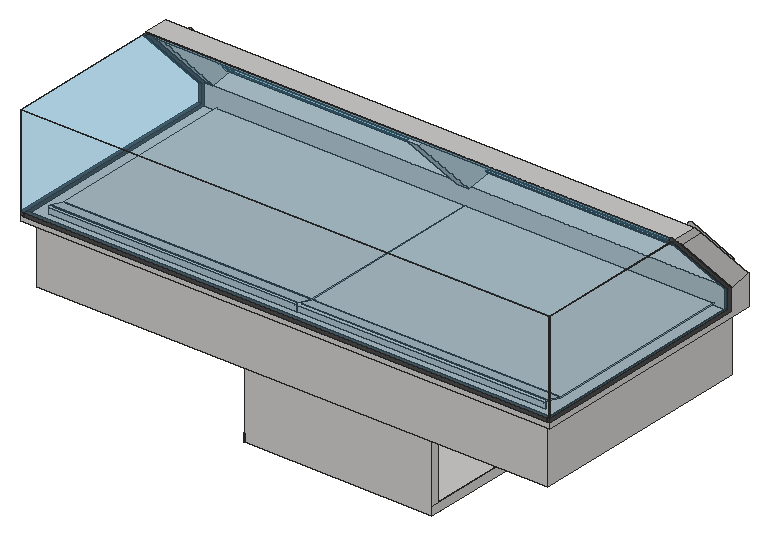
Revit family "QF_FESTIVE_ACDL18", category Specialty Equipment, Revit 2020
Family settings
  Round Connector Dimension = Use Diameter
  Part Type = Normal
  Work Plane-Based = No
  Always vertical = Yes
  Cut with Voids When Loaded = No
  Shared = No
  Room Calculation Point = No
Parameters (values of type "ACDL18")
  Weight in Pounds = 0
  Watts = if(Phase = 3, Volts * FL Amps * 1.73, Volts * FL Amps)  # 1122 W
  Volts = 220 V
  URL Cutsheet = ""
  Specification by User = ""
  Specification by Manufacturer = ""
  Serial Number = ""
  Seismic Rating = ""
  SMACNA No = ""
  Revision Code = ""
  Phase = 1
  Number of Poles = 1
  NAFEM Spec ID Number = ""
  Model = "ACDL18"
  Min Ckt Ampacity = 0 A
  Max Overcurrent Protection = 0 A
  Masterspec = ""
  Manufacturer = "FESTIVE"
  Length = 1770 mm
  Item Number = ""
  Installed By = ""
  Identify Quantity as Lot = yes
  Height = 335 mm
  HP = ""
  Glass 2 = Length > 1769 mm  # yes
  Glass 1 = Length < 1769 mm  # no
  Furnished By = ""
  Foodservice Equipment Identifier = yes
  FL Amps = 5.1 A
  Electrical Remarks = ""
  Electric Connection Type = ""
  Elec Conn RI Height = 0 mm
  Elec Conn Connection Height = 0 mm
  Description = "AVON LO: CHILLED DROP-IN"
  Depth = 830 mm
  Default Elevation = 0 mm
  Cycle = 50 Hz
  Cradle 2 [instance] = Length > 901 mm  # yes
  Cradle 1 = Length < 901 mm  # no
  Conn Plug = ""
  Conn Conduit = yes
  Center Post = Length > 1769 mm  # yes
  CSI MasterFormat = ""
  Apparent Power = if(Phase = 3, Volts * FL Amps * 1.73, Volts * FL Amps)  # 1122 VA
Reference planes
  plane 1 "BACK": y = 0
  plane 2: z = 0
  plane 3 "LEFT": x = 0
  plane 4 "RIGHT": x = 1770
  plane 5 "FRONT": y = -830
  plane 6 "TOP": z = 335
  plane 7 "Center Y": x = 885
  plane 8 "Center X": y = -415
  plane 9: z = 100
  plane 10: x = 1759
  plane 11: z = -520
  plane 12: z = -560
Forms (mm)
  Extrusion 1, solid, material "QF_Metal - Stainless - Satin", visible <- "Cradle 2", not visible
    sketch origin (900, -213.4, -387.009) x (0, 0, 1) y (1, 0, 0)
      loop
        line (387.009, -137.4) -> (27.009, -137.4) -> (27.009, -762.6) -> (387.009, -762.6) -> (387.009, -137.4)
      loop
        line (55, -734.4) -> (365.009, -734.4) -> (365.009, -164.4) -> (55, -164.4) -> (55, -734.4)
    from 0 to -2
  Extrusion 2, solid, material "QF_Metal - Stainless - Satin", visible <- "Cradle 2", not visible
    sketch origin (141.4, 0, 0) x (0, 1, 0) y (0, 0, 1)
      loop
        line (-215.4, 0) -> (-240, 0) -> (-240, -360) -> (-215.4, -360) -> (-215.4, 0)
    from -4 to -1.6
  Extrusion 3, solid, material "QF_Metal - Stainless - Satin", visible <- "Cradle 2", not visible
    sketch origin (900, 0, 0) x (0, -1, 0) y (0, 0, 1)
      loop
        line (215.4, 0) -> (215.4, -360) -> (240, -360) -> (240, 0) -> (215.4, 0)
    from 139.796 to 137.4
  Extrusion 4, solid, material "QF_Metal - Stainless - Satin", visible <- "Cradle 2", not visible
    sketch origin (0, 0, 0) x (0, 1, 0) y (0, 0, 1)
      loop
        line (-52, 0) -> (-213.4, 0) -> (-213.4, -122) -> (-52, -122) -> (-52, 0)
    from 239 to 660
  Extrusion 5, solid, material "QF_Metal - Stainless - Satin", visible <- "Cradle 2", not visible
    sketch origin (0, -50.8, 53.113) x (0, 0, -1) y (-1, 0, 0)
      loop
        line (55.113, -660) -> (175.113, -660) -> (175.113, -239) -> (55.113, -239) -> (55.113, -660)
    from 0 to 2
  Extrusion 6, solid, material "QF_Plastic - Black - Smooth", visible <- "Cradle 2", not visible
    sketch origin (14, -48.8, 53.113) x (0, 0, -1) y (-1, 0, 0)
      loop
        line (147.213, -308.95) -> (147.213, -294.95) -> (115.213, -294.95) -> (115.213, -308.95) -> (147.213, -308.95)
      loop
        line (147.213, -278.75) -> (147.213, -264.75) -> (115.213, -264.75) -> (115.213, -278.75) -> (147.213, -278.75)
      loop
        line (145.213, -306.95) -> (145.213, -296.95) -> (117.213, -296.95) -> (117.213, -306.95) -> (145.213, -306.95)
      loop
        line (145.213, -276.75) -> (145.213, -266.75) -> (117.213, -266.75) -> (117.213, -276.75) -> (145.213, -276.75)
      loop
        arc (112.863, -404.2) -> (131.113, -408.012) -> (149.363, -404.2) r 45.59
        line (149.363, -404.2) -> (149.363, -330.2)
        arc (149.363, -330.2) -> (131.113, -326.725) -> (112.863, -330.2) r 49.66
        line (112.863, -330.2) -> (112.863, -404.2)
    from 0 to 3
  Extrusion 7, solid, material "QF_Plastic - Red - Smooth", visible <- "Cradle 2", not visible
    sketch origin (290.75, -48.8, -92.1) x (0, 0, 1) y (0, 1, 0)
      loop
        line (0, 7.232) -> (0, 0) -> (28, 0) -> (28, 4.784)
        arc (28, 4.784) -> (13.954, 5.478) -> (0, 7.232) r 185.903
    from 0 to 10
  Extrusion 8, solid, material "QF_Plastic - Red - Smooth", visible <- "Cradle 2", not visible
    sketch origin (290.75, -48.8, -92.1) x (0, 0, 1) y (0, 1, 0)
      loop
        line (0, 7.232) -> (0, 0) -> (28, 0) -> (28, 4.784)
        arc (28, 4.784) -> (13.954, 5.478) -> (0, 7.232) r 185.903
    from -30.2 to -20.2
  Extrusion 9, solid, material "QF_Metal - Stainless - Satin", visible <- "Cradle 2", not visible
    sketch origin (0, -1.8, 0) x (0, 1, 0) y (0, 0, 1)
      loop
        line (-570, 0) -> (-596.6, 0) -> (-596.6, -360) -> (-570, -360) -> (-570, 0)
    from 137.4 to 762.6
  Extrusion 10, void, not visible
    sketch origin (137.4, 0, 0) x (0, 1, 0) y (0, 0, 1)
      loop
        circle (-289.925, -281.443) r 8.149
    from 0 to 3.2
  Extrusion 11, solid, material "QF_Metal - Stainless - Satin"
    sketch origin (0, 0, -200) x (0, 1, 0) y (0, 0, 1)
      loop
        line (0, 200) -> (0, 300) -> (-75.2, 287.871) -> (-75.2, 217) -> (-830, 217) -> (-830, 200) -> (0, 200)
    from 0 to 1770
  Extrusion 12, solid, material "QF_Plastic - Black - Smooth"
    sketch origin (0, 0, -200) x (0, 1, 0) y (0, 0, 1)
      loop
        line (-830, 217) -> (-818, 217) -> (-818, 229) -> (-830, 229) -> (-830, 217)
    from 11 to 1759
  Extrusion 13, solid, material "QF_Metal - Stainless - Satin"
    sketch origin (900, 0, -200) x (0, 1, 0) y (0, 0, -1)
      loop
        line (-715.062, -224.6) -> (-75.2, -224.6) -> (-75.2, -223.6) -> (-715.33, -223.6) -> (-715.062, -224.6)
      loop
        line (-780, -217) -> (-780, -235.604)
        arc (-780, -235.604) -> (-778.032, -239.534) -> (-773.706, -240.312) r 4.908
        line (-773.706, -240.312) -> (-773.965, -239.347)
        arc (-773.965, -239.347) -> (-777.439, -238.63) -> (-779, -235.445) r 4.03
        line (-779, -235.445) -> (-779, -217) -> (-780, -217)
    from -816 to 13
  Extrusion 14, solid, material "Glass"
    sketch origin (0, 0, -200) x (0, -1, 0) y (0, 0, 1)
      loop
        line (828, 533) -> (303.463, 533) -> (301.574, 531) -> (826, 531) -> (826, 217) -> (828, 217) -> (828, 533)
    from 0 to -1770
  Extrusion 15, solid, material "QF_Metal - Stainless - Satin"
    sketch origin (449, -425, -200) x (1, 0, 0) y (0, 1, 0)
      loop
        line (-419, -375) -> (1291, -375) -> (1291, 395) -> (-419, 395) -> (-419, -375)
    from 0 to -200
  Extrusion 16, solid, material "QF_Metal - Stainless - Satin"
    sketch origin (0, 65.025, -271.149) x (0, 0.985557, 0.169345) y (0, -0.169345, 0.985557)
      loop
        line (-76.81, 381.021) -> (-77.401, 377.581) -> (-1.233, 376.8) -> (-159.726, 615.174) -> (-241.884, 629.29) -> (-76.81, 381.021)
    from 0 to 40
  Extrusion 17, solid, material "QF_Metal - Stainless - Satin"
    sketch origin (40, 65.025, -271.149) x (0, 0.985557, 0.169345) y (0, -0.169345, 0.985557)
      loop
        line (-159.726, 615.174) -> (-180.222, 645.999) -> (-262.379, 660.116) -> (-241.884, 629.29) -> (-159.726, 615.174)
    from -40 to 1730
  Extrusion 18, solid, material "QF_Metal - Stainless - Satin"
    sketch origin (0, 0, -188) x (0, 1, 0) y (0, 0, 1)
      loop
        line (-780, 205) -> (-779, 205) -> (-779, 223.445)
        arc (-779, 223.445) -> (-777.439, 226.63) -> (-773.965, 227.347) r 4.03
        line (-773.965, 227.347) -> (-773.706, 228.312)
        arc (-773.706, 228.312) -> (-778.032, 227.534) -> (-780, 223.604) r 4.908
        line (-780, 223.604) -> (-780, 205)
      loop
        line (-715.062, 212.6) -> (-715.33, 211.6) -> (-75.2, 211.6) -> (-75.2, 212.6) -> (-715.062, 212.6)
    from 54 to 883
  Extrusion 19, solid, material "QF_Metal - Stainless - Satin"
    sketch origin (0, -79.381, -365.812) x (1, 0, 0) y (0, 0.965932, -0.258796)
      loop
        line (883, -715.062) -> (54, -715.062) -> (54, -773.706) -> (883, -773.706) -> (883, -715.062)
      loop
        line (887, -715.062) -> (887, -773.706) -> (1716, -773.706) -> (1716, -715.062) -> (887, -715.062)
    from 211.6 to 212.6
  Extrusion 20, solid, material "QF_Metal - Stainless - Satin"
    sketch origin (40, -216.994, 329.71) x (0, -0.6867, 0.726941) y (1, 0, 0)
      loop
        line (-300.996, 0) -> (-300.996, 1690) -> (-315.996, 1690) -> (-315.996, 0) -> (-300.996, 0)
    from 0 to -5
  Extrusion 21, solid, material "QF_Plastic - Black - Smooth"
    sketch origin (0, 0, -200) x (0, 1, 0) y (0, 0, 1)
      loop
        line (-86, 287.066) -> (-86, 229) -> (-830, 229) -> (-830, 217) -> (-75.2, 217) -> (-75.2, 291.361) -> (-303.463, 533) -> (-318.32, 533) -> (-86, 287.066)
    from 0 to 11
  Extrusion 22, solid, material "QF_Metal - Stainless - Satin"
    sketch origin (0, 65.025, -271.149) x (0, 0.985557, 0.169345) y (0, -0.169345, 0.985557)
      loop
        line (-76.81, 381.021) -> (-77.401, 377.581) -> (-1.233, 376.8) -> (-159.726, 615.174) -> (-241.884, 629.29) -> (-76.81, 381.021)
    from 0 to 40
  Extrusion 23, solid, material "QF_Plastic - Black - Smooth"
    sketch origin (1770, 0, 0) x (0, -1, 0) y (0, 0, 1)
      loop
        line (86, 87.066) -> (320.209, 335) -> (305.352, 335) -> (75.2, 91.361) -> (75.2, 17) -> (830, 17) -> (830, 29) -> (86, 29) -> (86, 87.066)
    from 0 to 11
  Extrusion 24, solid, material "QF_Metal - Stainless - Satin"
    sketch origin (1770, 0, 0) x (0, -1, 0) y (0, 0, 1)
      loop
        line (75.2, 91.361) -> (279.932, 308.09) -> (196.571, 308.09) -> (0, 100) -> (75.2, 87.871) -> (75.2, 91.361)
    from 0 to 40
  Extrusion 25, solid, material "QF_Metal - Stainless - Satin", visible <- "Cradle 2"
    sketch origin (1334.4, -222.5, -587.009) x (0, 0, 1) y (1, 0, 0)
      loop
        line (387.009, -137.4) -> (27.009, -137.4) -> (27.009, -762.6) -> (387.009, -762.6) -> (387.009, -137.4)
      loop
        line (55, -734.4) -> (365.009, -734.4) -> (365.009, -164.4) -> (55, -164.4) -> (55, -734.4)
    from 0 to -2
  Extrusion 26, solid, material "QF_Metal - Stainless - Satin", visible <- "Cradle 2"
    sketch origin (575.8, -9.1, -200) x (0, 1, 0) y (0, 0, 1)
      loop
        line (-215.4, 0) -> (-240, 0) -> (-240, -360) -> (-215.4, -360) -> (-215.4, 0)
    from -4 to -1.6
  Extrusion 27, solid, material "QF_Metal - Stainless - Satin", visible <- "Cradle 2"
    sketch origin (1334.4, -9.1, -200) x (0, -1, 0) y (0, 0, 1)
      loop
        line (215.4, 0) -> (215.4, -360) -> (240, -360) -> (240, 0) -> (215.4, 0)
    from 139.796 to 137.4
  Extrusion 28, solid, material "QF_Metal - Stainless - Satin", visible <- "Cradle 2"
    sketch origin (434.4, -9.1, -200) x (0, 1, 0) y (0, 0, 1)
      loop
        line (-52, 0) -> (-213.4, 0) -> (-213.4, -122) -> (-52, -122) -> (-52, 0)
    from 239 to 660
  Extrusion 29, solid, material "QF_Metal - Stainless - Satin", visible <- "Cradle 2"
    sketch origin (434.4, -59.9, -146.887) x (0, 0, -1) y (-1, 0, 0)
      loop
        line (55.113, -660) -> (175.113, -660) -> (175.113, -239) -> (55.113, -239) -> (55.113, -660)
    from 0 to 2
  Extrusion 30, solid, material "QF_Plastic - Black - Smooth", visible <- "Cradle 2"
    sketch origin (448.4, -57.9, -146.887) x (0, 0, -1) y (-1, 0, 0)
      loop
        line (147.213, -308.95) -> (147.213, -294.95) -> (115.213, -294.95) -> (115.213, -308.95) -> (147.213, -308.95)
      loop
        line (147.213, -278.75) -> (147.213, -264.75) -> (115.213, -264.75) -> (115.213, -278.75) -> (147.213, -278.75)
      loop
        line (145.213, -306.95) -> (145.213, -296.95) -> (117.213, -296.95) -> (117.213, -306.95) -> (145.213, -306.95)
      loop
        line (145.213, -276.75) -> (145.213, -266.75) -> (117.213, -266.75) -> (117.213, -276.75) -> (145.213, -276.75)
      loop
        arc (112.863, -404.2) -> (131.113, -408.012) -> (149.363, -404.2) r 45.59
        line (149.363, -404.2) -> (149.363, -330.2)
        arc (149.363, -330.2) -> (131.113, -326.725) -> (112.863, -330.2) r 49.66
        line (112.863, -330.2) -> (112.863, -404.2)
    from 0 to 3
  Extrusion 31, solid, material "QF_Plastic - Red - Smooth", visible <- "Cradle 2"
    sketch origin (725.15, -57.9, -292.1) x (0, 0, 1) y (0, 1, 0)
      loop
        line (0, 7.232) -> (0, 0) -> (28, 0) -> (28, 4.784)
        arc (28, 4.784) -> (13.954, 5.478) -> (0, 7.232) r 185.903
    from 0 to 10
  Extrusion 32, solid, material "QF_Plastic - Red - Smooth", visible <- "Cradle 2"
    sketch origin (725.15, -57.9, -292.1) x (0, 0, 1) y (0, 1, 0)
      loop
        line (0, 7.232) -> (0, 0) -> (28, 0) -> (28, 4.784)
        arc (28, 4.784) -> (13.954, 5.478) -> (0, 7.232) r 185.903
    from -30.2 to -20.2
  Extrusion 33, solid, material "QF_Metal - Stainless - Satin", visible <- "Cradle 2"
    sketch origin (434.4, -10.9, -200) x (0, 1, 0) y (0, 0, 1)
      loop
        line (-570, 0) -> (-596.6, 0) -> (-596.6, -360) -> (-570, -360) -> (-570, 0)
    from 137.4 to 762.6
  Extrusion 34, void
    sketch origin (571.8, -9.1, -200) x (0, 1, 0) y (0, 0, 1)
      loop
        circle (-289.925, -281.443) r 8.149
    from 0 to 3.2
  Extrusion 35, solid, material "QF_Metal - Stainless - Satin"
    sketch origin (325, -200.206, 304.657) x (0, -0.6867, 0.726941) y (1, 0, 0)
      loop
        line (0, -285) -> (0, -265) -> (-271.255, -265) -> (-271.255, -285) -> (0, -285)
    from 0 to 3.2
  Extrusion 36, solid, material "QF_Metal - Stainless - Satin"
    sketch origin (60, -13.935, 107.471) x (0, -0.6867, 0.726941) y (0, -0.726941, -0.6867)
      loop
        line (271.255, -3.2) -> (0, -3.2) -> (0, -8.2)
        arc (0, -8.2) -> (2.929, -15.271) -> (10, -18.2) r 10
        line (10, -18.2) -> (261.255, -18.2)
        arc (261.255, -18.2) -> (268.326, -15.271) -> (271.255, -8.2) r 10
        line (271.255, -8.2) -> (271.255, -3.2)
    from -9 to -11
  Extrusion 37, solid, material "QF_Metal - Stainless - Satin"
    sketch origin (875, -196.571, 308.09) x (0, -0.6867, 0.726941) y (1, 0, 0)
      loop
        line (0, 855) -> (-271.255, 855) -> (-271.255, 835) -> (0, 835) -> (0, 855)
    from 0 to 3.2
  Extrusion 38, solid, material "QF_Metal - Stainless - Satin"
    sketch origin (1710, -10.301, 110.904) x (0, -0.6867, 0.726941) y (0, 0.726941, 0.6867)
      loop
        line (271.255, 3.2) -> (271.255, 8.2)
        arc (271.255, 8.2) -> (268.326, 15.271) -> (261.255, 18.2) r 10
        line (261.255, 18.2) -> (10, 18.2)
        arc (10, 18.2) -> (2.929, 15.271) -> (0, 8.2) r 10
        line (0, 8.2) -> (0, 3.2) -> (271.255, 3.2)
    from -9 to -11
  Extrusion 39, solid, material "QF_Metal - Stainless - Satin", visible <- "Center Post"
    sketch origin (885, 175.397, 1219.2) x (0, 1, 0) y (0, 0, 1)
      loop
        line (-371.969, -911.11) -> (-470.186, -911.11) -> (-260.629, -1132.947) -> (-175.397, -1119.2) -> (-371.969, -911.11)
    from -20 to 20
  Extrusion 40, solid, material "QF_Metal - Stainless - Satin", visible <- "Cradle 2"
    sketch origin (434.4, -607.571, -560) x (1, 0, 0) y (0, -1, 0)
      loop
        line (762.6, -28.471) -> (137.4, -28.471) -> (137.4, -383.071) -> (762.6, -383.071) -> (762.6, -28.471)
    from 0 to -5
  Extrusion 41, solid, material "QF_Metal - Stainless - Satin", visible <- "Cradle 2"
    sketch origin (1334.4, -9.1, -160) x (0, -1, 0) y (0, 0, 1)
      loop
        line (213.4, -372.009) -> (213.4, -400) -> (598.4, -400) -> (598.4, -372.009) -> (213.4, -372.009)
    from 137.4 to 135
  Extrusion 42, solid, material "QF_Metal - Stainless - Satin", visible <- "Cradle 2"
    sketch origin (434.4, -9.1, -160) x (0, 1, 0) y (0, 0, 1)
      loop
        line (-213.4, -372.009) -> (-598.4, -372.009) -> (-598.4, -400) -> (-213.4, -400) -> (-213.4, -372.009)
    from 135 to 137.4
  Extrusion 43, solid, material "QF_Metal - Stainless - Satin", visible <- "Cradle 2", not visible
    sketch origin (0, -598.471, -360) x (1, 0, 0) y (0, -1, 0)
      loop
        line (762.6, -28.471) -> (137.4, -28.471) -> (137.4, -383.071) -> (762.6, -383.071) -> (762.6, -28.471)
    from 0 to -5
  Extrusion 44, solid, material "QF_Metal - Stainless - Satin", visible <- "Cradle 2", not visible
    sketch origin (900, 0, 40) x (0, -1, 0) y (0, 0, 1)
      loop
        line (213.4, -372.009) -> (213.4, -400) -> (598.4, -400) -> (598.4, -372.009) -> (213.4, -372.009)
    from 137.4 to 135
  Extrusion 45, solid, material "QF_Metal - Stainless - Satin", visible <- "Cradle 2", not visible
    sketch origin (0, 0, 40) x (0, 1, 0) y (0, 0, 1)
      loop
        line (-213.4, -372.009) -> (-598.4, -372.009) -> (-598.4, -400) -> (-213.4, -400) -> (-213.4, -372.009)
    from 135 to 137.4
  Extrusion 46, solid, material "QF_Metal - Stainless - Satin", visible <- "Cradle 1", not visible
    sketch origin (2199.4, -222.5, -587.009) x (0, 0, 1) y (1, 0, 0)
      loop
        line (387.009, -137.4) -> (67.009, -137.4) -> (67.009, -762.6) -> (387.009, -762.6) -> (387.009, -137.4)
      loop
        line (365.009, -734.4) -> (365.009, -164.4) -> (95, -164.4) -> (95, -734.4) -> (365.009, -734.4)
    from 0 to -2
  Extrusion 47, solid, material "QF_Metal - Stainless - Satin", visible <- "Cradle 1", not visible
    sketch origin (1440.8, -9.1, -200) x (0, 1, 0) y (0, 0, 1)
      loop
        line (-215.4, 0) -> (-240, 0) -> (-240, -320) -> (-215.4, -320) -> (-215.4, 0)
    from -4 to -1.6
  Extrusion 48, solid, material "QF_Metal - Stainless - Satin", visible <- "Cradle 1", not visible
    sketch origin (2199.4, -9.1, -200) x (0, -1, 0) y (0, 0, 1)
      loop
        line (215.4, 0) -> (215.4, -320) -> (240, -320) -> (240, 0) -> (215.4, 0)
    from 139.796 to 137.4
  Extrusion 49, solid, material "QF_Metal - Stainless - Satin", visible <- "Cradle 1", not visible
    sketch origin (1299.4, -9.1, -200) x (0, 1, 0) y (0, 0, 1)
      loop
        line (-52, 0) -> (-213.4, 0) -> (-213.4, -122) -> (-52, -122) -> (-52, 0)
    from 239 to 660
  Extrusion 50, solid, material "QF_Metal - Stainless - Satin", visible <- "Cradle 1", not visible
    sketch origin (1299.4, -59.9, -146.887) x (0, 0, -1) y (-1, 0, 0)
      loop
        line (55.113, -660) -> (175.113, -660) -> (175.113, -239) -> (55.113, -239) -> (55.113, -660)
    from 0 to 2
  Extrusion 51, solid, material "QF_Plastic - Black - Smooth", visible <- "Cradle 1", not visible
    sketch origin (1313.4, -57.9, -146.887) x (0, 0, -1) y (-1, 0, 0)
      loop
        line (147.213, -308.95) -> (147.213, -294.95) -> (115.213, -294.95) -> (115.213, -308.95) -> (147.213, -308.95)
      loop
        line (147.213, -278.75) -> (147.213, -264.75) -> (115.213, -264.75) -> (115.213, -278.75) -> (147.213, -278.75)
      loop
        line (145.213, -306.95) -> (145.213, -296.95) -> (117.213, -296.95) -> (117.213, -306.95) -> (145.213, -306.95)
      loop
        line (145.213, -276.75) -> (145.213, -266.75) -> (117.213, -266.75) -> (117.213, -276.75) -> (145.213, -276.75)
      loop
        arc (112.863, -404.2) -> (131.113, -408.012) -> (149.363, -404.2) r 45.59
        line (149.363, -404.2) -> (149.363, -330.2)
        arc (149.363, -330.2) -> (131.113, -326.725) -> (112.863, -330.2) r 49.66
        line (112.863, -330.2) -> (112.863, -404.2)
    from 0 to 3
  Extrusion 52, solid, material "QF_Plastic - Red - Smooth", visible <- "Cradle 1", not visible
    sketch origin (1590.15, -57.9, -292.1) x (0, 0, 1) y (0, 1, 0)
      loop
        line (0, 7.232) -> (0, 0) -> (28, 0) -> (28, 4.784)
        arc (28, 4.784) -> (13.954, 5.478) -> (0, 7.232) r 185.903
    from 0 to 10
  Extrusion 53, solid, material "QF_Plastic - Red - Smooth", visible <- "Cradle 1", not visible
    sketch origin (1590.15, -57.9, -292.1) x (0, 0, 1) y (0, 1, 0)
      loop
        line (0, 7.232) -> (0, 0) -> (28, 0) -> (28, 4.784)
        arc (28, 4.784) -> (13.954, 5.478) -> (0, 7.232) r 185.903
    from -30.2 to -20.2
  Extrusion 54, solid, material "QF_Metal - Stainless - Satin", visible <- "Cradle 1", not visible
    sketch origin (1299.4, -10.9, -200) x (0, 1, 0) y (0, 0, 1)
      loop
        line (-570, 0) -> (-596.6, 0) -> (-596.6, -320) -> (-570, -320) -> (-570, 0)
    from 137.4 to 762.6
  Extrusion 55, solid, material "QF_Metal - Stainless - Satin", visible <- "Cradle 1", not visible
    sketch origin (1299.4, -607.571, -520) x (1, 0, 0) y (0, -1, 0)
      loop
        line (762.6, -28.471) -> (137.4, -28.471) -> (137.4, -383.071) -> (762.6, -383.071) -> (762.6, -28.471)
    from 0 to -5
  Extrusion 56, solid, material "QF_Metal - Stainless - Satin", visible <- "Cradle 1", not visible
    sketch origin (2199.4, -9.1, -120) x (0, -1, 0) y (0, 0, 1)
      loop
        line (213.4, -372.009) -> (213.4, -400) -> (598.4, -400) -> (598.4, -372.009) -> (213.4, -372.009)
    from 137.4 to 135
  Extrusion 57, solid, material "QF_Metal - Stainless - Satin", visible <- "Cradle 1", not visible
    sketch origin (1299.4, -9.1, -120) x (0, 1, 0) y (0, 0, 1)
      loop
        line (-213.4, -372.009) -> (-598.4, -372.009) -> (-598.4, -400) -> (-213.4, -400) -> (-213.4, -372.009)
    from 135 to 137.4
  Extrusion 58, solid, material "QF_Metal - Stainless - Satin", visible <- "Cradle 1"
    sketch origin (1334.4, -222.5, -587.009) x (0, 0, 1) y (1, 0, 0)
      loop
        line (387.009, -137.4) -> (67.009, -137.4) -> (67.009, -762.6) -> (387.009, -762.6) -> (387.009, -137.4)
      loop
        line (365.009, -734.4) -> (365.009, -164.4) -> (95, -164.4) -> (95, -734.4) -> (365.009, -734.4)
    from 0 to -2
  Extrusion 59, solid, material "QF_Metal - Stainless - Satin", visible <- "Cradle 1"
    sketch origin (575.8, -9.1, -200) x (0, 1, 0) y (0, 0, 1)
      loop
        line (-215.4, 0) -> (-240, 0) -> (-240, -320) -> (-215.4, -320) -> (-215.4, 0)
    from -4 to -1.6
  Extrusion 60, solid, material "QF_Metal - Stainless - Satin", visible <- "Cradle 1"
    sketch origin (1334.4, -9.1, -200) x (0, -1, 0) y (0, 0, 1)
      loop
        line (215.4, 0) -> (215.4, -320) -> (240, -320) -> (240, 0) -> (215.4, 0)
    from 139.796 to 137.4
  Extrusion 61, solid, material "QF_Metal - Stainless - Satin", visible <- "Cradle 1"
    sketch origin (434.4, -9.1, -200) x (0, 1, 0) y (0, 0, 1)
      loop
        line (-52, 0) -> (-213.4, 0) -> (-213.4, -122) -> (-52, -122) -> (-52, 0)
    from 239 to 660
  Extrusion 62, solid, material "QF_Metal - Stainless - Satin", visible <- "Cradle 1"
    sketch origin (434.4, -59.9, -146.887) x (0, 0, -1) y (-1, 0, 0)
      loop
        line (55.113, -660) -> (175.113, -660) -> (175.113, -239) -> (55.113, -239) -> (55.113, -660)
    from 0 to 2
  Extrusion 63, solid, material "QF_Plastic - Black - Smooth", visible <- "Cradle 1"
    sketch origin (448.4, -57.9, -146.887) x (0, 0, -1) y (-1, 0, 0)
      loop
        line (147.213, -308.95) -> (147.213, -294.95) -> (115.213, -294.95) -> (115.213, -308.95) -> (147.213, -308.95)
      loop
        line (147.213, -278.75) -> (147.213, -264.75) -> (115.213, -264.75) -> (115.213, -278.75) -> (147.213, -278.75)
      loop
        line (145.213, -306.95) -> (145.213, -296.95) -> (117.213, -296.95) -> (117.213, -306.95) -> (145.213, -306.95)
      loop
        line (145.213, -276.75) -> (145.213, -266.75) -> (117.213, -266.75) -> (117.213, -276.75) -> (145.213, -276.75)
      loop
        arc (112.863, -404.2) -> (131.113, -408.012) -> (149.363, -404.2) r 45.59
        line (149.363, -404.2) -> (149.363, -330.2)
        arc (149.363, -330.2) -> (131.113, -326.725) -> (112.863, -330.2) r 49.66
        line (112.863, -330.2) -> (112.863, -404.2)
    from 0 to 3
  Extrusion 64, solid, material "QF_Plastic - Red - Smooth", visible <- "Cradle 1"
    sketch origin (725.15, -57.9, -292.1) x (0, 0, 1) y (0, 1, 0)
      loop
        line (0, 7.232) -> (0, 0) -> (28, 0) -> (28, 4.784)
        arc (28, 4.784) -> (13.954, 5.478) -> (0, 7.232) r 185.903
    from 0 to 10
  Extrusion 65, solid, material "QF_Plastic - Red - Smooth", visible <- "Cradle 1"
    sketch origin (725.15, -57.9, -292.1) x (0, 0, 1) y (0, 1, 0)
      loop
        line (0, 7.232) -> (0, 0) -> (28, 0) -> (28, 4.784)
        arc (28, 4.784) -> (13.954, 5.478) -> (0, 7.232) r 185.903
    from -30.2 to -20.2
  Extrusion 66, solid, material "QF_Metal - Stainless - Satin", visible <- "Cradle 1"
    sketch origin (434.4, -10.9, -200) x (0, 1, 0) y (0, 0, 1)
      loop
        line (-570, 0) -> (-596.6, 0) -> (-596.6, -320) -> (-570, -320) -> (-570, 0)
    from 137.4 to 762.6
  Extrusion 67, solid, material "QF_Metal - Stainless - Satin", visible <- "Cradle 1"
    sketch origin (434.4, -607.571, -520) x (1, 0, 0) y (0, -1, 0)
      loop
        line (762.6, -28.471) -> (137.4, -28.471) -> (137.4, -383.071) -> (762.6, -383.071) -> (762.6, -28.471)
    from 0 to -5
  Extrusion 68, solid, material "QF_Metal - Stainless - Satin", visible <- "Cradle 1"
    sketch origin (1334.4, -9.1, -120) x (0, -1, 0) y (0, 0, 1)
      loop
        line (213.4, -372.009) -> (213.4, -400) -> (598.4, -400) -> (598.4, -372.009) -> (213.4, -372.009)
    from 137.4 to 135
  Extrusion 69, solid, material "QF_Metal - Stainless - Satin", visible <- "Cradle 1"
    sketch origin (434.4, -9.1, -120) x (0, 1, 0) y (0, 0, 1)
      loop
        line (-213.4, -372.009) -> (-598.4, -372.009) -> (-598.4, -400) -> (-213.4, -400) -> (-213.4, -372.009)
    from 135 to 137.4
  Extrusion 70, solid, material "Glass"
    sketch origin (1770, 0, 0) x (0, -1, 0) y (0, 0, 1)
      loop
        line (318.32, 333) -> (86, 87.066) -> (86, 29) -> (828, 29) -> (828, 333) -> (318.32, 333)
    from 0 to 3
  Extrusion 71, solid, material "Glass"
    sketch origin (0, 0, -200) x (0, 1, 0) y (0, 0, 1)
      loop
        line (-318.32, 533) -> (-828, 533) -> (-828, 217) -> (-86, 217) -> (-86, 287.066) -> (-318.32, 533)
    from 0 to 3
  Extrusion 72, solid, material "Glass", visible <- "Glass 1"
    sketch origin (325, -196.571, 308.09) x (0, -0.6867, 0.726941) y (1, 0, 0)
      loop
        line (0, 560) -> (-271.255, 560) -> (-271.255, -285) -> (0, -285) -> (0, 560)
    from -5 to -10
  Extrusion 73, solid, material "Glass", visible <- "Glass 1"
    sketch origin (875, -196.571, 308.09) x (0, -0.6867, 0.726941) y (1, 0, 0)
      loop
        line (0, 10) -> (0, 855) -> (-271.255, 855) -> (-271.255, 10) -> (0, 10)
    from 0 to -5
  Extrusion 74, solid, material "Glass", visible <- "Glass 2"
    sketch origin (40, 65.025, -271.149) x (0, 0.985557, 0.169345) y (0, -0.169345, 0.985557)
      loop
        line (-13.702, 386.523) -> (-163.89, 612.405) -> (-168.054, 609.637) -> (-17.866, 383.755) -> (-13.702, 386.523)
    from 0 to 825
  Extrusion 75, solid, material "Glass", visible <- "Glass 2"
    sketch origin (1730, 0, 0) x (0, -1, 0) y (0, 0, 1)
      loop
        line (196.571, 308.09) -> (10.301, 110.904) -> (13.935, 107.471) -> (200.206, 304.657) -> (196.571, 308.09)
    from 0 to 825
Lines and regions (mm)
  Split face 1, not visible
    outline origin (14, -45.8, 53.113) x (0, 0, -1) y (-1, 0, 0)
      loop
        line (116.213, -355.957) -> (116.213, -395.454)
        arc (116.213, -395.454) -> (131.213, -398.842) -> (146.213, -395.454) r 34.9
        line (146.213, -395.454) -> (146.213, -355.957) -> (116.213, -355.957)
  Split face 2
    outline origin (448.4, -54.9, -146.887) x (0, 0, -1) y (-1, 0, 0)
      loop
        line (116.213, -355.957) -> (116.213, -395.454)
        arc (116.213, -395.454) -> (131.213, -398.842) -> (146.213, -395.454) r 34.9
        line (146.213, -395.454) -> (146.213, -355.957) -> (116.213, -355.957)
  Split face 3, not visible
    outline origin (1313.4, -54.9, -146.887) x (0, 0, -1) y (-1, 0, 0)
      loop
        line (116.213, -355.957) -> (116.213, -395.454)
        arc (116.213, -395.454) -> (131.213, -398.842) -> (146.213, -395.454) r 34.9
        line (146.213, -395.454) -> (146.213, -355.957) -> (116.213, -355.957)
  Split face 4
    outline origin (448.4, -54.9, -146.887) x (0, 0, -1) y (-1, 0, 0)
      loop
        line (116.213, -355.957) -> (116.213, -395.454)
        arc (116.213, -395.454) -> (131.213, -398.842) -> (146.213, -395.454) r 34.9
        line (146.213, -395.454) -> (146.213, -355.957) -> (116.213, -355.957)
  symbolic lines
    curve 1: line (54, -780, 0) -> (54, -305.352, 0)
    curve 2: line (54, -780, 0) -> (1716, -780, 0)
    curve 3: line (1716, -780, 0) -> (1716, -305.352, 0)
    curve 4: line (54, -715.33, 0) -> (883, -715.33, 0)
    curve 5: line (883, -780, 0) -> (883, -305.352, 0)
    curve 6: line (887, -780, 0) -> (887, -305.352, 0)
    curve 7: line (0, -305.352, 0) -> (1770, -305.352, 0)
    curve 8: line (0, -221.991, 0) -> (1770, -221.991, 0)
    curve 9: line (1770, -196.571, 0) -> (0, -196.571, 0)
    curve 10: line (0, 0, 0) -> (1770, 0, 0)
    curve 11: line (0, -830, 0) -> (0, 0, 0)
    curve 12: line (1770, -830, 0) -> (0, -830, 0)
    curve 13: line (1770, 0, 0) -> (1770, -830, 0)
    curve 14: line (1759, -305.352, 0) -> (1759, -830, 0)
    curve 15: line (11, -305.352, 0) -> (11, -830, 0)
    curve 16: line (40, -196.571, 0) -> (40, 0, 0)
    curve 17: line (1730, -196.571, 0) -> (1730, 0, 0)
    curve 18: line (40, -10.301, 0) -> (1730, -10.301, 0)
    curve 19: line (1716, -715.33, 0) -> (887, -715.33, 0)
    curve 20: line (60, -196.571, 0) -> (60, -10.301, 0)
    curve 21: line (875, -13.935, 0) -> (60, -13.935, 0)
    curve 22: line (875, -10.301, 0) -> (875, -196.571, 0)
    curve 23: line (1710, -10.301, 0) -> (1710, -196.571, 0)
Dimensions and locks
  equal spacing: plane 3 "LEFT", plane 7 "Center Y", plane 4 "RIGHT"
  "Length": plane 3 "LEFT" to plane 4 "RIGHT"
  equal spacing: plane 5 "FRONT", plane 8 "Center X", plane 1 "BACK"
  "Depth": plane 5 "FRONT" to plane 1 "BACK"
  "Height": plane 6 "TOP" to level
  plane 1 "BACK" to plane 5 "FRONT" = 830 mm
  plane 6 "TOP" to plane 9 to level to Extrusion 15 = 235 mm, 100 mm, 200 mm
  plane 1 "BACK" to Extrusion 15 = 30 mm
  Extrusion 15 to plane 5 "FRONT" = 30 mm
  Extrusion 25 to Extrusion 33 = 385 mm
  locked: plane 10 to plane 4 "RIGHT" at 11
  locked: Extrusion 29 to plane 7 "Center Y" at 209.4
  Extrusion 19 sketch curve to plane 7 "Center Y" to Extrusion 19 sketch curve = 2 mm locked, 2 mm locked
  Extrusion 13 to plane 7 "Center Y" to Extrusion 18 = 2 mm locked, 2 mm locked
  locked: Extrusion 13 to plane 4 "RIGHT" at 54
  Extrusion 15 to plane 11 = 320 mm
  Extrusion 15 to plane 12 = 360 mm
  Extrusion 66 to plane 7 "Center Y" to Extrusion 66 = 312 mm locked, 313.2 mm locked
  locked: plane 4 "RIGHT" to Extrusion 14
  plane 7 "Center Y" to Extrusion 73 = 0 mm
  plane 7 "Center Y" to Extrusion 72 = 0 mm
  Extrusion 37 sketch curve to Extrusion 37 sketch curve to plane 4 "RIGHT" = 20 mm locked, 40 mm locked
  aligned and locked: level to plane 2
  aligned and locked: Extrusion 11 to plane 4 "RIGHT"
  aligned and locked: Extrusion 17 to plane 4 "RIGHT"
  aligned and locked: plane 10 to Extrusion 12
  aligned and locked: curve 3 to Extrusion 19
  aligned and locked: Extrusion 14 to plane 4 "RIGHT"
  aligned and locked: plane 7 "Center Y" to Extrusion 72
  aligned and locked: Extrusion 73 to plane 7 "Center Y"
  aligned and locked: Extrusion 74 to Extrusion 39
  aligned and locked: Extrusion 75 to Extrusion 39
Automatic sketch dimensions
  Extrusion 2 sketch curve to Extrusion 2 sketch curve = 24.6 mm
  Extrusion 3 sketch curve to Extrusion 3 sketch curve = 24.6 mm
  Extrusion 4 sketch curve to Extrusion 4 sketch curve = 122 mm
  Extrusion 7 sketch curve to Extrusion 6 = 0 mm  (x3)
  Extrusion 6 to Extrusion 7 sketch curve = 2.15 mm
  Extrusion 7 sketch curve to Extrusion 6 = 1.784 mm
  Extrusion 7 sketch curve to Extrusion 6 = 4.232 mm
  Extrusion 8 sketch curve to Extrusion 6 = 0 mm  (x3)
  Extrusion 6 to Extrusion 8 sketch curve = 2.15 mm
  Extrusion 8 sketch curve to Extrusion 6 = 1.784 mm
  Extrusion 8 sketch curve to Extrusion 6 = 4.232 mm
  Extrusion 9 sketch curve to Extrusion 9 sketch curve = 26.6 mm
  Extrusion 5 sketch curve to Extrusion 5 sketch curve = 120 mm
  Extrusion 6 sketch curve to Extrusion 5 = 57.75 mm
  Extrusion 6 sketch curve to Extrusion 6 sketch curve = 2.35 mm
  Extrusion 6 sketch curve to Extrusion 6 sketch curve = 0 mm  (x3)
  Extrusion 6 sketch curve to Extrusion 6 sketch curve = 2 mm  (x8)
  Extrusion 6 sketch curve to Extrusion 6 sketch curve = 18.25 mm
  Extrusion 6 sketch curve to Extrusion 6 sketch curve = 28 mm
  Extrusion 6 sketch curve to Extrusion 6 sketch curve = 2.15 mm
  Extrusion 6 sketch curve to Extrusion 5 = 179.2 mm
  Extrusion 6 sketch curve to Extrusion 6 sketch curve = 27.816 mm
  Extrusion 6 sketch curve to Extrusion 6 sketch curve = 13.963 mm
  Extrusion 6 sketch curve to Extrusion 6 sketch curve = 32.222 mm
  Extrusion 6 sketch curve to Extrusion 6 sketch curve = 21.25 mm
  Extrusion 6 sketch curve to Extrusion 6 sketch curve = 10 mm  (x2)
  Extrusion 6 sketch curve to Extrusion 6 sketch curve = 16.2 mm
  Split face 1 sketch curve to Extrusion 6 = 1 mm  (x2)
  Extrusion 6 to Split face 1 sketch curve = 86.504 mm
  Split face 1 sketch curve to Split face 1 sketch curve = 31.512 mm
  Split face 1 sketch curve to Split face 1 sketch curve = 7.985 mm
  Split face 1 sketch curve to Split face 1 sketch curve = 15 mm
  Extrusion 10 sketch curve to Extrusion 2 = 49.925 mm
  Extrusion 2 to Extrusion 10 sketch curve = 78.557 mm
  Extrusion 2 sketch curve to Extrusion 2 sketch curve = 360 mm
  Extrusion 3 sketch curve to Extrusion 3 sketch curve = 360 mm
  Extrusion 4 sketch curve to Extrusion 4 sketch curve = 161.4 mm
  Extrusion 5 sketch curve to Extrusion 5 sketch curve = 421 mm
  Extrusion 9 sketch curve to Extrusion 9 sketch curve = 360 mm
  Extrusion 26 sketch curve to Extrusion 26 sketch curve = 24.6 mm
  Extrusion 27 sketch curve to Extrusion 27 sketch curve = 24.6 mm
  Extrusion 28 sketch curve to Extrusion 28 sketch curve = 122 mm
  Extrusion 31 sketch curve to Extrusion 30 = 0 mm  (x3)
  Extrusion 30 to Extrusion 31 sketch curve = 2.15 mm
  Extrusion 31 sketch curve to Extrusion 30 = 1.784 mm
  Extrusion 31 sketch curve to Extrusion 30 = 4.232 mm
  Extrusion 32 sketch curve to Extrusion 30 = 0 mm  (x3)
  Extrusion 30 to Extrusion 32 sketch curve = 2.15 mm
  Extrusion 32 sketch curve to Extrusion 30 = 1.784 mm
  Extrusion 32 sketch curve to Extrusion 30 = 4.232 mm
  Extrusion 33 sketch curve to Extrusion 33 sketch curve = 26.6 mm
  Extrusion 29 sketch curve to Extrusion 29 sketch curve = 120 mm
  Extrusion 30 sketch curve to Extrusion 29 = 57.75 mm
  Extrusion 30 sketch curve to Extrusion 30 sketch curve = 2.35 mm
  Extrusion 30 sketch curve to Extrusion 30 sketch curve = 0 mm  (x3)
  Extrusion 30 sketch curve to Extrusion 30 sketch curve = 2 mm  (x8)
  Extrusion 30 sketch curve to Extrusion 30 sketch curve = 18.25 mm
  Extrusion 30 sketch curve to Extrusion 30 sketch curve = 28 mm
  Extrusion 30 sketch curve to Extrusion 30 sketch curve = 2.15 mm
  Extrusion 30 sketch curve to Extrusion 29 = 179.2 mm
  Extrusion 30 sketch curve to Extrusion 30 sketch curve = 27.816 mm
  Extrusion 30 sketch curve to Extrusion 30 sketch curve = 13.963 mm
  Extrusion 30 sketch curve to Extrusion 30 sketch curve = 32.222 mm
  Extrusion 30 sketch curve to Extrusion 30 sketch curve = 21.25 mm
  Extrusion 30 sketch curve to Extrusion 30 sketch curve = 10 mm  (x2)
  Extrusion 30 sketch curve to Extrusion 30 sketch curve = 16.2 mm
  Split face 2 sketch curve to Extrusion 30 = 1 mm  (x2)
  Extrusion 30 to Split face 2 sketch curve = 86.504 mm
  Split face 2 sketch curve to Split face 2 sketch curve = 31.512 mm
  Split face 2 sketch curve to Split face 2 sketch curve = 7.985 mm
  Split face 2 sketch curve to Split face 2 sketch curve = 15 mm
  Extrusion 34 sketch curve to Extrusion 26 = 49.925 mm
  Extrusion 26 to Extrusion 34 sketch curve = 78.557 mm
  Extrusion 26 sketch curve to Extrusion 26 sketch curve = 360 mm
  Extrusion 27 sketch curve to Extrusion 27 sketch curve = 360 mm
  Extrusion 28 sketch curve to Extrusion 28 sketch curve = 161.4 mm
  Extrusion 29 sketch curve to Extrusion 29 sketch curve = 421 mm
  Extrusion 33 sketch curve to Extrusion 33 sketch curve = 360 mm
  Extrusion 40 sketch curve to Extrusion 40 sketch curve = 625.2 mm
  Extrusion 40 sketch curve to Extrusion 40 sketch curve = 354.6 mm
  Extrusion 25 sketch curve to Extrusion 25 sketch curve = 27.991 mm
  Extrusion 25 sketch curve to Extrusion 25 sketch curve = 310.009 mm
  Extrusion 25 sketch curve to Extrusion 25 sketch curve = 22 mm
  Extrusion 25 sketch curve to Extrusion 25 sketch curve = 28.2 mm
  Extrusion 25 sketch curve to Extrusion 25 sketch curve = 570 mm
  Extrusion 25 sketch curve to Extrusion 25 sketch curve = 27 mm
  Extrusion 41 sketch curve to Extrusion 41 sketch curve = 385 mm
  Extrusion 41 sketch curve to Extrusion 41 sketch curve = 27.991 mm
  Extrusion 42 sketch curve to Extrusion 42 sketch curve = 385 mm
  Extrusion 42 sketch curve to Extrusion 42 sketch curve = 27.991 mm
  Extrusion 1 sketch curve to Extrusion 1 sketch curve = 27.991 mm
  Extrusion 1 sketch curve to Extrusion 1 sketch curve = 310.009 mm
  Extrusion 1 sketch curve to Extrusion 1 sketch curve = 22 mm
  Extrusion 1 sketch curve to Extrusion 1 sketch curve = 28.2 mm
  Extrusion 1 sketch curve to Extrusion 1 sketch curve = 570 mm
  Extrusion 1 sketch curve to Extrusion 1 sketch curve = 27 mm
  Extrusion 47 sketch curve to Extrusion 47 sketch curve = 24.6 mm
  Extrusion 48 sketch curve to Extrusion 48 sketch curve = 24.6 mm
  Extrusion 49 sketch curve to Extrusion 49 sketch curve = 122 mm
  Extrusion 54 sketch curve to Extrusion 54 sketch curve = 26.6 mm
  Extrusion 46 sketch curve to Extrusion 46 sketch curve = 22 mm
  Extrusion 46 sketch curve to Extrusion 46 sketch curve = 28.2 mm
  Extrusion 46 sketch curve to Extrusion 46 sketch curve = 570 mm
  Extrusion 46 sketch curve to Extrusion 46 sketch curve = 27 mm
  Extrusion 50 sketch curve to Extrusion 50 sketch curve = 120 mm
  Extrusion 50 sketch curve to Extrusion 50 sketch curve = 421 mm
  Extrusion 51 sketch curve to Extrusion 50 = 57.75 mm
  Extrusion 51 sketch curve to Extrusion 51 sketch curve = 2.35 mm
  Extrusion 51 sketch curve to Extrusion 51 sketch curve = 0 mm  (x3)
  Extrusion 51 sketch curve to Extrusion 51 sketch curve = 2 mm  (x8)
  Extrusion 51 sketch curve to Extrusion 51 sketch curve = 18.25 mm
  Extrusion 51 sketch curve to Extrusion 51 sketch curve = 28 mm
  Extrusion 51 sketch curve to Extrusion 51 sketch curve = 2.15 mm
  Extrusion 51 sketch curve to Extrusion 50 = 179.2 mm
  Extrusion 51 sketch curve to Extrusion 51 sketch curve = 27.816 mm
  Extrusion 51 sketch curve to Extrusion 51 sketch curve = 13.963 mm
  Extrusion 51 sketch curve to Extrusion 51 sketch curve = 32.222 mm
  Extrusion 51 sketch curve to Extrusion 51 sketch curve = 21.25 mm
  Extrusion 51 sketch curve to Extrusion 51 sketch curve = 10 mm  (x2)
  Extrusion 51 sketch curve to Extrusion 51 sketch curve = 16.2 mm
  Extrusion 52 sketch curve to Extrusion 51 = 0 mm  (x3)
  Extrusion 51 to Extrusion 52 sketch curve = 2.15 mm
  Extrusion 52 sketch curve to Extrusion 51 = 1.784 mm
  Extrusion 52 sketch curve to Extrusion 51 = 4.232 mm
  Extrusion 53 sketch curve to Extrusion 51 = 0 mm  (x3)
  Extrusion 51 to Extrusion 53 sketch curve = 2.15 mm
  Extrusion 53 sketch curve to Extrusion 51 = 1.784 mm
  Extrusion 53 sketch curve to Extrusion 51 = 4.232 mm
  Split face 3 sketch curve to Extrusion 51 = 1 mm  (x2)
  Extrusion 51 to Split face 3 sketch curve = 14 mm
  Extrusion 51 to Split face 3 sketch curve = 86.504 mm
  Split face 3 sketch curve to Split face 3 sketch curve = 31.512 mm
  Split face 3 sketch curve to Split face 3 sketch curve = 7.985 mm
  Extrusion 55 sketch curve to Extrusion 55 sketch curve = 625.2 mm
  Extrusion 46 sketch curve to Extrusion 46 sketch curve = 27.991 mm
  Extrusion 46 sketch curve to Extrusion 46 sketch curve = 270.009 mm
  Extrusion 47 sketch curve to Extrusion 47 sketch curve = 320 mm
  Extrusion 48 sketch curve to Extrusion 48 sketch curve = 320 mm
  Extrusion 49 sketch curve to Extrusion 49 sketch curve = 161.4 mm
  Extrusion 54 sketch curve to Extrusion 54 sketch curve = 320 mm
  Extrusion 55 sketch curve to Extrusion 55 sketch curve = 354.6 mm
  Extrusion 56 sketch curve to Extrusion 56 sketch curve = 385 mm
  Extrusion 56 sketch curve to Extrusion 56 sketch curve = 27.991 mm
  Extrusion 57 sketch curve to Extrusion 57 sketch curve = 385 mm
  Extrusion 57 sketch curve to Extrusion 57 sketch curve = 27.991 mm
  Extrusion 59 sketch curve to Extrusion 59 sketch curve = 24.6 mm
  Extrusion 60 sketch curve to Extrusion 60 sketch curve = 24.6 mm
  Extrusion 61 sketch curve to Extrusion 61 sketch curve = 122 mm
  Extrusion 66 sketch curve to Extrusion 66 sketch curve = 26.6 mm
  Extrusion 58 sketch curve to Extrusion 58 sketch curve = 22 mm
  Extrusion 58 sketch curve to Extrusion 58 sketch curve = 28.2 mm
  Extrusion 58 sketch curve to Extrusion 58 sketch curve = 570 mm
  Extrusion 58 sketch curve to Extrusion 58 sketch curve = 27 mm
  Extrusion 62 sketch curve to Extrusion 62 sketch curve = 120 mm
  Extrusion 62 sketch curve to Extrusion 62 sketch curve = 421 mm
  Extrusion 63 sketch curve to Extrusion 62 = 57.75 mm
  Extrusion 63 sketch curve to Extrusion 63 sketch curve = 2.35 mm
  Extrusion 63 sketch curve to Extrusion 63 sketch curve = 0 mm  (x3)
  Extrusion 63 sketch curve to Extrusion 63 sketch curve = 2 mm  (x8)
  Extrusion 63 sketch curve to Extrusion 63 sketch curve = 18.25 mm
  Extrusion 63 sketch curve to Extrusion 63 sketch curve = 28 mm
  Extrusion 63 sketch curve to Extrusion 63 sketch curve = 2.15 mm
  Extrusion 63 sketch curve to Extrusion 62 = 179.2 mm
  Extrusion 63 sketch curve to Extrusion 63 sketch curve = 27.816 mm
  Extrusion 63 sketch curve to Extrusion 63 sketch curve = 13.963 mm
  Extrusion 63 sketch curve to Extrusion 63 sketch curve = 32.222 mm
  Extrusion 63 sketch curve to Extrusion 63 sketch curve = 21.25 mm
  Extrusion 63 sketch curve to Extrusion 63 sketch curve = 10 mm  (x2)
  Extrusion 63 sketch curve to Extrusion 63 sketch curve = 16.2 mm
  Extrusion 64 sketch curve to Extrusion 63 = 0 mm  (x3)
  Extrusion 63 to Extrusion 64 sketch curve = 2.15 mm
  Extrusion 64 sketch curve to Extrusion 63 = 1.784 mm
  Extrusion 64 sketch curve to Extrusion 63 = 4.232 mm
  Extrusion 65 sketch curve to Extrusion 63 = 0 mm  (x3)
  Extrusion 63 to Extrusion 65 sketch curve = 2.15 mm
  Extrusion 65 sketch curve to Extrusion 63 = 1.784 mm
  Extrusion 65 sketch curve to Extrusion 63 = 4.232 mm
  Split face 4 sketch curve to Extrusion 63 = 1 mm  (x2)
  Extrusion 63 to Split face 4 sketch curve = 14 mm
  Extrusion 63 to Split face 4 sketch curve = 86.504 mm
  Split face 4 sketch curve to Split face 4 sketch curve = 31.512 mm
  Split face 4 sketch curve to Split face 4 sketch curve = 7.985 mm
  Extrusion 67 sketch curve to Extrusion 67 sketch curve = 625.2 mm
  Extrusion 58 sketch curve to Extrusion 58 sketch curve = 27.991 mm
  Extrusion 58 sketch curve to Extrusion 58 sketch curve = 270.009 mm
  Extrusion 59 sketch curve to Extrusion 59 sketch curve = 320 mm
  Extrusion 60 sketch curve to Extrusion 60 sketch curve = 320 mm
  Extrusion 61 sketch curve to Extrusion 61 sketch curve = 161.4 mm
  Extrusion 66 sketch curve to Extrusion 66 sketch curve = 320 mm
  Extrusion 67 sketch curve to Extrusion 67 sketch curve = 354.6 mm
  Extrusion 68 sketch curve to Extrusion 68 sketch curve = 385 mm
  Extrusion 68 sketch curve to Extrusion 68 sketch curve = 27.991 mm
  Extrusion 69 sketch curve to Extrusion 69 sketch curve = 385 mm
  Extrusion 69 sketch curve to Extrusion 69 sketch curve = 27.991 mm
  curve 12 to plane 3 "LEFT" = 0 mm
  plane 5 "FRONT" to curve 15 = 0 mm
  plane 1 "BACK" to curve 16 = 0 mm
  curve 14 to plane 10 = 0 mm
  curve 13 to plane 4 "RIGHT" = 0 mm
  plane 3 "LEFT" to curve 2 = 54 mm
  curve 1 to plane 5 "FRONT" = 50 mm
  curve 11 to curve 15 = 11 mm
  curve 9 to curve 16 = 40 mm
  curve 18 to curve 21 = 20 mm
  curve 21 to plane 7 "Center Y" = 10 mm
  curve 4 to plane 7 "Center Y" = 2 mm
  plane 7 "Center Y" to curve 6 = 2 mm
  curve 23 to plane 10 = 49 mm
  curve 23 to curve 18 = 20 mm
  curve 5 to curve 4 = 64.67 mm
  curve 4 to curve 19 = 0 mm
  plane 8 "Center X" to curve 7 = 109.648 mm
  curve 7 to curve 8 = 83.361 mm
  curve 5 to curve 22 = 108.781 mm
  plane 1 "BACK" to curve 21 = 13.935 mm
  curve 21 to curve 22 = 3.635 mm
  Extrusion 11 sketch curve to level = 0 mm
  Extrusion 11 sketch curve to plane 5 "FRONT" = 0 mm
  Extrusion 11 sketch curve to plane 1 "BACK" = 0 mm
  Extrusion 11 sketch curve to plane 9 = 0 mm
  level to Extrusion 11 sketch curve = 17 mm
  plane 1 "BACK" to Extrusion 11 sketch curve = 75.2 mm
  Extrusion 11 sketch curve to plane 9 = 12.129 mm
  Extrusion 12 sketch curve to plane 5 "FRONT" = 0 mm
  Extrusion 12 sketch curve to Extrusion 12 sketch curve = 12 mm  (x2)
  level to Extrusion 12 sketch curve = 17 mm
  level to Extrusion 13 sketch curve = 17 mm
  Extrusion 13 sketch curve to plane 5 "FRONT" = 50 mm
  Extrusion 13 sketch curve to Extrusion 13 sketch curve = 1 mm
  Extrusion 13 sketch curve to Extrusion 13 sketch curve = 3.908 mm
  Extrusion 13 sketch curve to Extrusion 13 sketch curve = 0.122 mm
  Extrusion 13 sketch curve to Extrusion 13 sketch curve = 1.128 mm
  Extrusion 13 sketch curve to Extrusion 13 sketch curve = 0.258 mm
  level to Extrusion 13 sketch curve = 23.6 mm
  Extrusion 13 sketch curve to Extrusion 13 sketch curve = 58.635 mm
  level to Extrusion 13 sketch curve = 24.6 mm
  Extrusion 13 sketch curve to Extrusion 13 sketch curve = 0.268 mm
  plane 1 "BACK" to Extrusion 13 sketch curve = 75.2 mm
  Extrusion 13 sketch curve to Extrusion 13 sketch curve = 18.445 mm
  Extrusion 13 sketch curve to Extrusion 13 sketch curve = 0.159 mm
  Extrusion 14 sketch curve to plane 6 "TOP" = 4 mm
  plane 8 "Center X" to Extrusion 14 sketch curve = 113.426 mm
  Extrusion 14 sketch curve to Extrusion 14 sketch curve = 1.889 mm
  Extrusion 14 sketch curve to plane 5 "FRONT" = 4 mm
  Extrusion 14 sketch curve to plane 5 "FRONT" = 2 mm
  level to Extrusion 14 sketch curve = 17 mm
  Extrusion 14 sketch curve to plane 6 "TOP" = 2 mm
  Extrusion 15 sketch curve to plane 3 "LEFT" = 30 mm
  plane 10 to Extrusion 15 sketch curve = 19 mm
  Extrusion 15 sketch curve to plane 1 "BACK" = 30 mm
  plane 5 "FRONT" to Extrusion 15 sketch curve = 30 mm
  Extrusion 16 sketch curve to plane 1 "BACK" = 0 mm
  Extrusion 16 sketch curve to plane 9 = 0 mm
  Extrusion 16 sketch curve to Extrusion 16 sketch curve = 75.577 mm
  Extrusion 16 sketch curve to Extrusion 16 sketch curve = 0.591 mm
  Extrusion 16 sketch curve to Extrusion 16 sketch curve = 82.916 mm
  Extrusion 16 sketch curve to Extrusion 16 sketch curve = 82.157 mm
  Extrusion 16 sketch curve to Extrusion 16 sketch curve = 0.781 mm
  Extrusion 16 sketch curve to Extrusion 16 sketch curve = 3.439 mm
  Extrusion 16 sketch curve to Extrusion 16 sketch curve = 234.153 mm
  Extrusion 16 sketch curve to Extrusion 16 sketch curve = 14.117 mm
  Extrusion 17 sketch curve to Extrusion 16 = 0 mm  (x6)
  Extrusion 17 sketch curve to Extrusion 17 sketch curve = 20.496 mm  (x2)
  level to Extrusion 18 sketch curve = 35.604 mm
  Extrusion 18 sketch curve to plane 5 "FRONT" = 50 mm
  Extrusion 18 sketch curve to Extrusion 18 sketch curve = 1 mm
  Extrusion 18 sketch curve to Extrusion 18 sketch curve = 3.908 mm
  Extrusion 18 sketch curve to Extrusion 18 sketch curve = 0.122 mm
  Extrusion 18 sketch curve to Extrusion 18 sketch curve = 1.128 mm
  level to Extrusion 18 sketch curve = 40.312 mm
  level to Extrusion 18 sketch curve = 23.6 mm
  Extrusion 18 sketch curve to Extrusion 18 sketch curve = 58.635 mm
  level to Extrusion 18 sketch curve = 24.6 mm
  Extrusion 18 sketch curve to Extrusion 18 sketch curve = 0.268 mm
  plane 1 "BACK" to Extrusion 18 sketch curve = 75.2 mm
  level to Extrusion 18 sketch curve = 17 mm
  Extrusion 18 sketch curve to Extrusion 18 sketch curve = 0.159 mm
  plane 3 "LEFT" to Extrusion 19 sketch curve = 54 mm
  Extrusion 19 sketch curve to plane 10 = 43 mm
  Extrusion 19 sketch curve to Extrusion 19 sketch curve = 0 mm  (x2)
  Extrusion 19 sketch curve to Extrusion 19 sketch curve = 58.644 mm
  plane 3 "LEFT" to Extrusion 20 sketch curve = 40 mm
  Extrusion 20 sketch curve to Extrusion 20 sketch curve = 15 mm
  Extrusion 20 sketch curve to plane 10 = 29 mm
  Extrusion 21 sketch curve to plane 5 "FRONT" = 0 mm
  Extrusion 21 sketch curve to plane 6 "TOP" = 2 mm
  plane 8 "Center X" to Extrusion 21 sketch curve = 96.68 mm
  Extrusion 21 sketch curve to Extrusion 21 sketch curve = 14.857 mm
  level to Extrusion 21 sketch curve = 29 mm
  plane 1 "BACK" to Extrusion 21 sketch curve = 86 mm
  Extrusion 21 sketch curve to Extrusion 21 sketch curve = 10.8 mm
  Extrusion 21 sketch curve to Extrusion 21 sketch curve = 12 mm
  Extrusion 21 sketch curve to plane 9 = 12.934 mm
  Extrusion 21 sketch curve to plane 9 = 8.639 mm
  Extrusion 22 sketch curve to plane 1 "BACK" = 0 mm
  Extrusion 22 sketch curve to plane 9 = 0 mm
  Extrusion 22 sketch curve to Extrusion 22 sketch curve = 75.577 mm
  Extrusion 22 sketch curve to Extrusion 22 sketch curve = 0.591 mm
  Extrusion 22 sketch curve to Extrusion 22 sketch curve = 82.916 mm
  Extrusion 22 sketch curve to Extrusion 22 sketch curve = 82.157 mm
  Extrusion 22 sketch curve to Extrusion 22 sketch curve = 0.781 mm
  Extrusion 22 sketch curve to Extrusion 22 sketch curve = 3.439 mm
  Extrusion 22 sketch curve to Extrusion 22 sketch curve = 234.153 mm
  Extrusion 22 sketch curve to Extrusion 22 sketch curve = 14.117 mm
  Extrusion 23 sketch curve to plane 6 "TOP" = 0 mm
  Extrusion 23 sketch curve to plane 5 "FRONT" = 0 mm
  plane 8 "Center X" to Extrusion 23 sketch curve = 94.791 mm
  Extrusion 23 sketch curve to Extrusion 23 sketch curve = 14.857 mm
  Extrusion 23 sketch curve to plane 9 = 12.934 mm
  plane 1 "BACK" to Extrusion 23 sketch curve = 86 mm
  Extrusion 23 sketch curve to plane 9 = 8.639 mm
  Extrusion 23 sketch curve to Extrusion 23 sketch curve = 10.8 mm
  level to Extrusion 23 sketch curve = 29 mm
  Extrusion 23 sketch curve to Extrusion 23 sketch curve = 12 mm
  Extrusion 24 sketch curve to plane 1 "BACK" = 0 mm
  Extrusion 24 sketch curve to plane 9 = 0 mm
  Extrusion 24 sketch curve to plane 9 = 12.129 mm
  plane 1 "BACK" to Extrusion 24 sketch curve = 75.2 mm
  Extrusion 24 sketch curve to plane 6 "TOP" = 26.91 mm
  plane 1 "BACK" to Extrusion 24 sketch curve = 196.571 mm
  Extrusion 24 sketch curve to Extrusion 24 sketch curve = 83.361 mm
  Extrusion 24 sketch curve to Extrusion 24 sketch curve = 3.49 mm
  plane 3 "LEFT" to Extrusion 35 sketch curve = 40 mm
  plane 3 "LEFT" to Extrusion 35 sketch curve = 60 mm
  Extrusion 35 sketch curve to Extrusion 35 sketch curve = 271.255 mm
  Extrusion 35 to Extrusion 36 sketch curve = 0 mm  (x2)
  Extrusion 36 sketch curve to Extrusion 35 = 0 mm
  Extrusion 36 sketch curve to Extrusion 35 = 10 mm
  Extrusion 36 sketch curve to Extrusion 35 = 5 mm
  Extrusion 35 to Extrusion 36 sketch curve = 10 mm
  Extrusion 38 sketch curve to Extrusion 37 = 0 mm  (x3)
  Extrusion 38 sketch curve to Extrusion 37 = 10 mm
  Extrusion 38 sketch curve to Extrusion 37 = 5 mm
  Extrusion 37 to Extrusion 38 sketch curve = 10 mm
  Extrusion 39 sketch curve to plane 1 "BACK" = 0 mm
  Extrusion 39 sketch curve to plane 9 = 0 mm
  Extrusion 39 sketch curve to plane 9 = 13.747 mm
  plane 1 "BACK" to Extrusion 39 sketch curve = 85.232 mm
  Extrusion 39 sketch curve to plane 6 "TOP" = 26.91 mm
  plane 1 "BACK" to Extrusion 39 sketch curve = 196.571 mm
  Extrusion 39 sketch curve to Extrusion 39 sketch curve = 98.218 mm
  Extrusion 70 sketch curve to plane 9 = 12.934 mm
  plane 1 "BACK" to Extrusion 70 sketch curve = 86 mm
  Extrusion 70 sketch curve to plane 6 "TOP" = 2 mm
  plane 8 "Center X" to Extrusion 70 sketch curve = 96.68 mm
  Extrusion 70 sketch curve to plane 5 "FRONT" = 2 mm
  level to Extrusion 70 sketch curve = 29 mm
  Extrusion 71 sketch curve to plane 5 "FRONT" = 2 mm
  Extrusion 71 sketch curve to plane 6 "TOP" = 2 mm
  plane 8 "Center X" to Extrusion 71 sketch curve = 96.68 mm
  Extrusion 71 sketch curve to plane 9 = 12.934 mm
  plane 1 "BACK" to Extrusion 71 sketch curve = 86 mm
  level to Extrusion 71 sketch curve = 17 mm
  Extrusion 72 sketch curve to plane 7 "Center Y" = 0 mm
  plane 3 "LEFT" to Extrusion 72 sketch curve = 40 mm
  Extrusion 72 sketch curve to Extrusion 72 sketch curve = 271.255 mm
  plane 7 "Center Y" to Extrusion 73 sketch curve = 0 mm
  Extrusion 73 sketch curve to plane 10 = 29 mm
  Extrusion 73 sketch curve to Extrusion 73 sketch curve = 271.255 mm
  Extrusion 74 sketch curve to Extrusion 22 = 10 mm
  Extrusion 74 sketch curve to Extrusion 22 = 6.867 mm
  Extrusion 74 sketch curve to Extrusion 74 sketch curve = 4.164 mm
  Extrusion 74 sketch curve to Extrusion 74 sketch curve = 150.188 mm
  Extrusion 74 sketch curve to Extrusion 74 sketch curve = 223.114 mm
  Extrusion 37 sketch curve to Extrusion 37 sketch curve = 271.255 mm
  Extrusion 75 sketch curve to Extrusion 24 = 0 mm  (x3)
  Extrusion 75 sketch curve to Extrusion 24 = 61.265 mm
  Extrusion 75 sketch curve to Extrusion 75 sketch curve = 3.635 mm
  radius of Extrusion 10 sketch curve = 8.149 mm
  radius of Extrusion 34 sketch curve = 8.149 mm
Connectors
  electrical at (571.8, -299.025, -481.443), driven by "Volts", driven by "Watts"
    settings: on Extrusion 34, index 5, voltage 220 V, apparent load 1122 VA, apparent load phase1 0 VA, apparent load phase2 0 VA, apparent load phase3 0 VA, power factor 1, load classification "Other", number of poles 1, system type 30, power factor state 1, is connector primary yes, connector utility no, sub classification motor no, connector description "ELECTRICAL CONNECTION"
